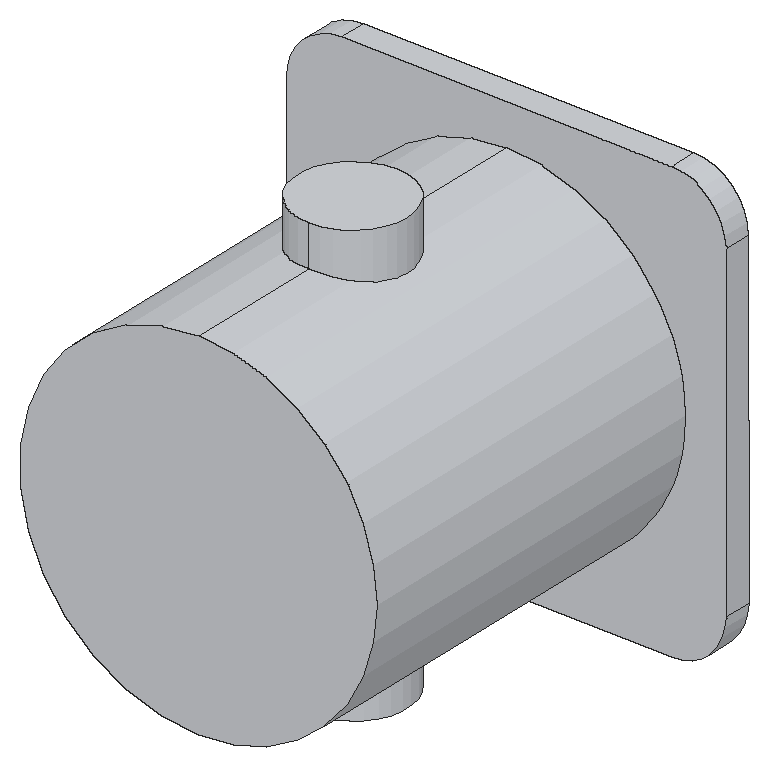
Revit family "EI_Kabelanschluss_V1700", category Elektroinstallationen, Revit 2017
Family settings
  Beschriftungsausrichtung beibehalten = Nein
  Bemaßung runder Anschluss = Durchmesser verwenden
  Teiletyp = Normal
  OmniClass-Nummer = 23.80.50.14
  OmniClass-Titel = Plug Connectors
  Arbeitsebenenbasiert = Nein
  Immer vertikal = Ja
  Beim Laden mit Abzugskörper schneiden = Ja
  Gemeinsam genutzt = Nein
  Raumberechnungspunkt = Nein
Parameters (values of type "400V")
  pbr_Material_KZ = ""
  pbr_Material = none
  pbr_E_Typ = ""
  pbr_E_KZ = ""
  pbr_DINBild = 0
  pbr_Bild = 0
  pbr_3Dx_Delta_Korrekturversatz [instance] = 0 mm
  pbr_3DX_Versatzfaktor [instance] = 0
  pbr_2DY_Versatzfaktor [instance] = 0
  pbr_2DX_Versatzfaktor [instance] = 0
  cpiFitMatchKey [instance] = "E-EA A400V"
  Zentrale [instance] = ""
  Wirkleistung [instance] = 0 W
  Typ [instance] = ""
  Text3 [instance] = ""
  Text2 [instance] = ""
  Text1 [instance] = ""
  Spannung [instance] = 0
  Scheinleistung [instance] = 0 VA
  Schaltgruppe2 [instance] = 0
  Schaltgruppe1 [instance] = 0
  Polig [instance] = 1
  Planungsbüro Rohling = "www.pbr.de"
  Nennstrom [instance] = 0
  Menge(Dosenzahl) [instance] = 0
  Linie/Anschluss [instance] = ""
  Leistungsfaktor [instance] = 0
  Lastklassifizierung = none
  Kabel bauseitig = no
  Installationsart [instance] = ""
  Info [instance] = ""
  Gleichzeitigkeitsfaktor3 [instance] = 0
  Gleichzeitigkeitsfaktor2 [instance] = 0
  Gleichzeitigkeitsfaktor1 [instance] = 0
  Gewerk [instance] = "Steck"
  EKabel 400V = yes
  EKabel 230V = no
  Eckversatz [instance] = 0 mm
  YFrontversatz [instance] = if(pbr_2DY_Versatzfaktor = 300, 0 mm, pbr_2DY_Versatzfaktor * 300 mm)  # 0 mm
  XSeitenversatz [instance] = if(pbr_2DX_Versatzfaktor = 0, 3000 mm, 3000 mm + (pbr_2DX_Versatzfaktor * 300 mm)) + Eckversatz  # 3000 mm
  X3Dversatz [instance] = if([3DX_Versatzkontrolle] = 0, 2000 mm, 2000 mm + ([3DX_Versatzkontrolle] * (300 mm - 80 mm))) + pbr_3Dx_Delta_Korrekturversatz  # 2000 mm
  Steckdosenradius = 20 mm
  R_Leerrohranschluss = 10 mm
  Niveau [instance] = 300 mm
  Dosentiefe = 70 mm  # constant formula
  Dosenradius = 65 mm / 2  # 32.5 mm
  D_Leerrohranschluss = 2 * R_Leerrohranschluss  # 20 mm
  Anlaufstrom [instance] = 0
  3DX_Versatzkontrolle [instance] = if(pbr_3DX_Versatzfaktor = 0, (pbr_2DX_Versatzfaktor * -1), (((-1 * pbr_3DX_Versatzfaktor) + pbr_2DX_Versatzfaktor) * -1))  # 0
Types (3, lengths in mm): name | cpiFitMatchKey | Kabel bauseitig | EKabel 400V | EKabel 230V
  Kabel_bauseitig | "E-EA LA" | yes | no | no
  230V | "E_EA A230V" | no | no | yes
  400V | "E-EA A400V" | no | yes | no
Reference planes
  plane 1 "Mitte (Vorne/Hinten)": y = 0
  plane 2: z = 0
  plane 3 "Mitte (Links/Rechts)": x = 0
  plane 4: x = -125
  plane 5: x = 125
  plane 6: y = 300
  plane 7 "Schalterhinten": y = 0
  plane 8: x = -3000
  plane 9: x = 0
  plane 10: x = -40
  plane 11: x = 40
  plane 12: z = 340
  plane 13: z = 260
  plane 14 "SchalterVorne": y = 5
  plane 15 "3DSchalterMitte": x = 0
  plane 16: z = 300
  plane 17: y = -70
  plane 18: y = -35
  plane 19 "Mitte 2D Symbol": y = 150
Forms (mm)
  Extrusion 1, solid
    sketch origin (0, 20, 0) x (0, 0, 1) y (-1, 0, 0)
      loop
        line (260, 30) -> (260, -30)
        arc (260, -30) -> (262.929, -37.071) -> (270, -40) r 10
        line (270, -40) -> (330, -40)
        arc (330, -40) -> (337.071, -37.071) -> (340, -30) r 10
        line (340, -30) -> (340, 30)
        arc (340, 30) -> (337.071, 37.071) -> (330, 40) r 10
        line (330, 40) -> (270, 40)
        arc (270, 40) -> (262.929, 37.071) -> (260, 30) r 10
    from 15 to 20
  Sweep 2, solid
    path origin (0, 0, 0) x (0, 0, 1) y (0, -1, 0)
      loop
        line (300, 0) -> (300, 70)
    profile origin (0, -35, 300) x (0, 0, -1) y (1, 0, 0)
      loop
        circle (0, 0) r 32.5
  Sweep 3, solid
    path origin (0, 0, 0) x (0, 0, 1) y (0, -1, 0)
      loop
        line (260, 35) -> (340, 35)
    profile origin (0, -35, 300) x (0, -1, 0) y (1, 0, 0)
      loop
        circle (0, 0) r 10
  Sweep 4, void
    path origin (0, 0, 0) x (1, 0, 0) y (0, 1, 0)
      loop
        line (0, 0) -> (0, 5)
    profile origin (0, 2.5, 0) x (-1, 0, 0) y (0, 0, 1)
      loop
        circle (0, 300) r 20
Cuts and joins
  Sweep 4 cuts Extrusion 1
  joined: Extrusion 1, Sweep 2, Sweep 3
Lines and regions (mm)
  model lines, not visible
    curve 1: line (-125, 0, 0) -> (125, 0, 0)
    curve 2: line (-125, 300, 0) -> (-125, 0, 0)
    curve 3: line (125, 300, 0) -> (-125, 300, 0)
    curve 4: line (125, 0, 0) -> (125, 300, 0)
Dimensions and locks
  plane 4 to plane 5 = 250 mm
  plane 6 to plane 7 "Schalterhinten" = 300 mm
  equal spacing: plane 4, plane 9, plane 5, locked at 125 each
  "XSeitenversatz": plane 8 to plane 9
  plane 8 to plane 3 "Mitte (Links/Rechts)" = 3000 mm
  "YFrontversatz": plane 1 "Mitte (Vorne/Hinten)" to plane 7 "Schalterhinten"
  plane 11 to plane 10 = 80 mm
  plane 12 to plane 13 = 80 mm
  equal spacing: plane 11, plane 15 "3DSchalterMitte", plane 10
  equal spacing: plane 12, plane 16, plane 13
  "Niveau": plane 16 to level
  "Dosentiefe": plane 1 "Mitte (Vorne/Hinten)" to plane 17
  plane 14 "SchalterVorne" to plane 1 "Mitte (Vorne/Hinten)" = 5 mm
  equal spacing: plane 17, plane 18, plane 1 "Mitte (Vorne/Hinten)"
  plane 12 to Sweep 4 sketch curve = 40 mm
  equal spacing: plane 6, plane 19 "Mitte 2D Symbol", plane 7 "Schalterhinten"
  "Dosenradius": radius of Sweep 2 sketch curve
  "R_Leerrohranschluss": radius of Sweep 3 sketch curve
  "Steckdosenradius": radius of Sweep 4 sketch curve
  aligned and locked: level to plane 2
  aligned and locked: curve 1 to plane 7 "Schalterhinten"
  aligned and locked: curve 2 to plane 4
  aligned and locked: curve 3 to plane 6
  aligned and locked: plane 5 to curve 4
  aligned and locked: plane 13 to Extrusion 1 sketch curve
  aligned and locked: Extrusion 1 sketch curve to plane 10
  aligned and locked: Extrusion 1 sketch curve to plane 12
  aligned and locked: plane 11 to Extrusion 1 sketch curve
  aligned and locked: plane 1 "Mitte (Vorne/Hinten)" to Extrusion 1
  aligned and locked: Extrusion 1 to plane 14 "SchalterVorne"
  aligned and locked: plane 15 "3DSchalterMitte" to Sweep 4 sketch curve
  aligned and locked: Sweep 4 sketch curve to cut or joined group of Extrusion 1, Sweep 2, Sweep 3, Sweep 4
  aligned and locked: nested 1 to plane 9
  aligned and locked: nested 1 to plane 7 "Schalterhinten"
  aligned and locked: nested 2 to plane 9
  aligned and locked: nested 2 to plane 7 "Schalterhinten"
  aligned and locked: nested 3 to plane 9
Automatic sketch dimensions
  Sweep 3 sketch curve to plane 13 = 0 mm
  plane 12 to Sweep 3 sketch curve = 0 mm
  Sweep 3 sketch curve to plane 18 = 0 mm
  Sweep 3 sketch curve to plane 15 "3DSchalterMitte" = 0 mm
  Sweep 3 sketch curve to profile plane = 0 mm
  Sweep 2 sketch curve to plane 16 = 0 mm
  Sweep 2 sketch curve to plane 1 "Mitte (Vorne/Hinten)" = 0 mm
  Sweep 2 sketch curve to plane 17 = 0 mm
  Sweep 2 sketch curve to plane 15 "3DSchalterMitte" = 0 mm
  Sweep 2 sketch curve to profile plane = 0 mm
  plane 1 "Mitte (Vorne/Hinten)" to Sweep 4 sketch curve = 0 mm
  Extrusion 1 sketch curve to Extrusion 1 sketch curve = 10 mm  (x4)
  Sweep 4 sketch curve to profile plane = 0 mm
Nested families
  nested 1: "Kabel 230V" at (0, 0, 0), visible <- "EKabel 230V", type "Kabel 230V"
  nested 2: "Kabel 400V" at (0, 0, 0), visible <- "EKabel 400V", type "Kabel 400V"
  nested 3: "Kabel bauseitig" at (0, 0, 0), visible <- "Kabel bauseitig", type "Kabel bauseitig"
Connectors
  electrical at (0, -35, 340)
    settings: on cut or joined group of Extrusion 1, Sweep 2, Sweep 3, Sweep 4, index 1, voltage 400 V, apparent load 0 VA, apparent load phase1 6000 VA, apparent load phase2 0 VA, apparent load phase3 0 VA, power factor 1, load classification "Steckdose", number of poles 1, system type 31, power factor state 1, is connector primary yes, connector utility no, sub classification motor no, connector description ""
  cabletrayconduit at (0, -35, 340), diameter 20, driven by "D_Leerrohranschluss"
    settings: on cut or joined group of Extrusion 1, Sweep 2, Sweep 3, Sweep 4, index 2, connector width 300 mm, connector height 300 mm, connector angle 0.00°, system type 32, placement type 0, profile type 0, connector reference index -1, is primary connector yes, connector utility param no, connector description ""
  cabletrayconduit at (0, -35, 260), diameter 20, driven by "D_Leerrohranschluss"
    settings: on cut or joined group of Extrusion 1, Sweep 2, Sweep 3, Sweep 4, index 3, connector width 300 mm, connector height 300 mm, connector angle 0.00°, system type 32, placement type 0, profile type 0, connector reference index -1, is primary connector no, connector utility param no, connector description ""
Definition of nested family "Kabel 230V"
  Parameters (values of type "Kabel 230V")
    E = yes
  Reference planes
    plane 1 "Mitte (Vorne/Hinten)": y = 0
    plane 2: z = 0
    plane 3 "Mitte (Links/Rechts)": x = 0
  Lines and regions (mm)
    Filled region 1, type "Beton", in view "Referenzebene", visible <- "E"
      outline origin (1634.857, -580.245, 0) x (1, 0, 0) y (0, 1, 0)
        loop
          line (-1692.053, 1079.47) -> (-1692.053, 902.085) -> (-1559.596, 902.085) -> (-1559.596, 923.034) -> (-1668.532, 923.034) -> (-1668.532, 983.47) -> (-1570.382, 983.47) -> (-1570.382, 1004.235) -> (-1668.532, 1004.235) -> (-1668.532, 1058.607) -> (-1563.746, 1058.607) -> (-1563.746, 1079.47) -> (-1692.053, 1079.47)
    detail lines, in view "Referenzebene"
      curve 1: line (-105.232, 300.919, 0) -> (-105.232, 516.919, 0)
      curve 2: line (-105.232, 516.919, 0) -> (114.877, 516.919, 0)
      curve 3: line (114.877, 516.919, 0) -> (114.877, 300.919, 0)
      curve 4: line (114.877, 300.919, 0) -> (-105.232, 300.919, 0)
      curve 5: line (3.849, 300.919, 0) -> (3.849, 0, 0)
      curve 6: line (-61.103, 162.5, 0) -> (68.801, 237.5, 0)
Definition of nested family "Kabel 400V"
  Parameters (values of type "Kabel 400V")
    E = yes
    3 = yes
  Reference planes
    plane 1 "Mitte (Vorne/Hinten)": y = 0
    plane 2: z = 0
    plane 3 "Mitte (Links/Rechts)": x = 0
  Lines and regions (mm)
    Filled region 1, type "Beton", in view "Referenzebene", visible <- "3"
      outline origin (664.897, -114.192, 0) x (1, 0, 0) y (0, 1, 0)
        loop
          line (-623.006, 568.288) -> (-622.348, 571.922)
          spline (-622.348, 571.922) -> (-615.485, 588.542) -> (-607.138, 596.056) -> (-596.261, 599.939) -> (-584.569, 599.809) -> (-573.773, 595.601) -> (-565.278, 586.531) -> (-562.229, 576.732) -> (-562.877, 564.129) -> (-568.09, 554.412) -> (-578.283, 547.259) -> (-588.501, 543.887) -> (-601.622, 543.145)
          line (-601.622, 543.145) -> (-603.963, 524.083)
          spline (-603.963, 524.083) -> (-586.715, 526.409) -> (-571.305, 522.454) -> (-560.479, 513.366) -> (-554.891, 500.575) -> (-554.244, 485.431) -> (-559.362, 472.041) -> (-568.493, 461.903) -> (-582.224, 455.737) -> (-597.221, 455.708) -> (-609.496, 460.778) -> (-618.739, 471.299) -> (-625.209, 489.835)
          line (-625.209, 489.835) -> (-646.858, 486.793)
          spline (-646.858, 486.793) -> (-638.766, 461.955) -> (-622.955, 445.825) -> (-609.564, 439.631) -> (-591.038, 436.919) -> (-573.4, 438.886) -> (-557.384, 445.664) -> (-542.088, 459.234) -> (-533.748, 474.369) -> (-530.798, 492.901) -> (-533.601, 510.208) -> (-544.11, 526.135) -> (-561.471, 535.545)
          line (-561.471, 535.545) -> (-563.97, 536.168)
          spline (-563.97, 536.168) -> (-549.267, 546.47) -> (-541.104, 560.723) -> (-539.732, 577.152) -> (-544.028, 591.479) -> (-554.287, 605.006) -> (-567.453, 613.25) -> (-583.302, 617.649) -> (-599.245, 617.691) -> (-614.74, 613.484) -> (-628.422, 604.549) -> (-637.968, 591.991) -> (-644.798, 572.233)
          line (-644.798, 572.233) -> (-623.006, 568.288)
    Filled region 2, type "Beton", in view "Referenzebene", visible <- "E"
      outline origin (857.995, -578.218, 0) x (1, 0, 0) y (0, 1, 0)
        loop
          line (-969.478, 1077.443) -> (-969.478, 900.058) -> (-837.021, 900.058) -> (-837.021, 921.006) -> (-945.957, 921.006) -> (-945.957, 981.443) -> (-847.807, 981.443) -> (-847.807, 1002.208) -> (-945.957, 1002.208) -> (-945.957, 1056.58) -> (-841.171, 1056.58) -> (-841.171, 1077.443) -> (-969.478, 1077.443)
    detail lines, in view "Referenzebene"
      curve 1: line (-116.259, 300.919, 0) -> (-116.259, 516.919, 0)
      curve 2: line (-116.259, 516.919, 0) -> (138.741, 516.919, 0)
      curve 3: line (138.741, 516.919, 0) -> (138.741, 300.919, 0)
      curve 4: line (138.741, 300.919, 0) -> (-116.259, 300.919, 0)
      curve 5: line (3.849, 300.919, 0) -> (3.849, 0, 0)
      curve 6: line (-61.103, 112.5, 0) -> (68.801, 187.5, 0)
      curve 7: line (-61.103, 162.5, 0) -> (68.801, 237.5, 0)
      curve 8: line (-61.103, 62.5, 0) -> (68.801, 137.5, 0)
Definition of nested family "Kabel bauseitig"
  Reference planes
    plane 1 "Mitte (Vorne/Hinten)": y = 0
    plane 2: z = 0
    plane 3 "Mitte (Links/Rechts)": x = 0
  Lines and regions (mm)
    Filled region 1, type "Beton", in view "Referenzebene"
      outline origin (-4.083, 0, 0) x (1, 0, 0) y (0, 1, 0)
        loop
          line (-51.351, 327.774) -> (2.475, 234.545) -> (56.3, 327.774) -> (-51.351, 327.774)
    detail lines, in view "Referenzebene"
      curve 1: line (-193.696, 0, 0) -> (193.696, 0, 0)
      curve 2: line (111.355, 0, 0) -> (111.355, 80.933, 0)
      curve 3: line (111.355, 80.933, 0) -> (-111.355, 80.933, 0)
      curve 4: line (-111.355, 80.933, 0) -> (-111.355, 0, 0)
      curve 5: line (0, 80.933, 0) -> (0, 514.606, 0)
      curve 6: line (0, 231.76, 0) -> (-55.434, 327.774, 0)
      curve 7: line (-55.434, 327.774, 0) -> (55.434, 327.774, 0)
